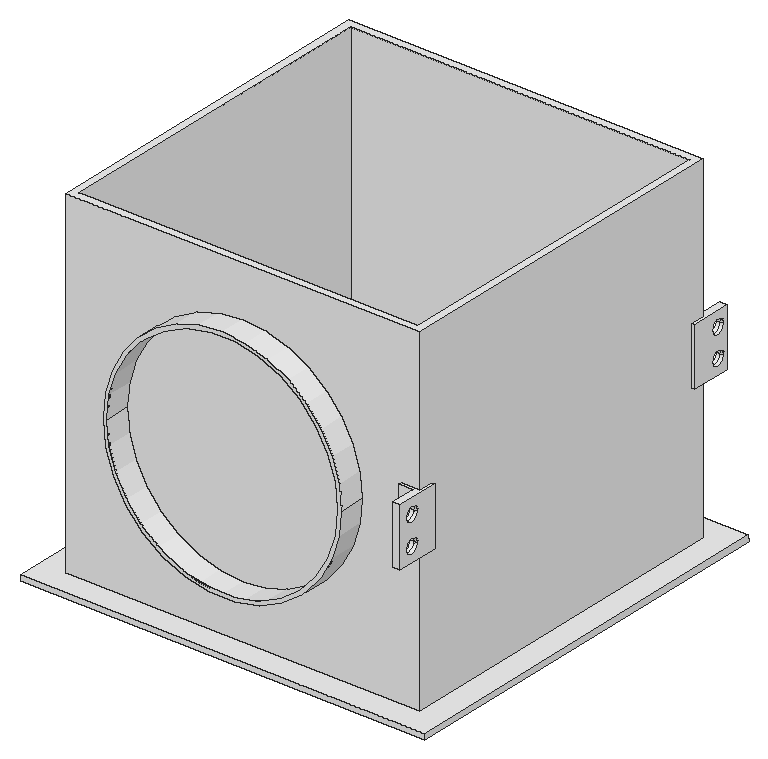
Revit family "Ceiling-Fan_VCDD-020C_Carnes", category Mechanical Equipment, host Ceiling, Revit 2012
Parameters
  ecoScorecard_data = ""
  ecoScorecard Product Page = "http://ecoscorecard.com/"
  Warranty URL = "http://www.carnes.com/GeneralCatalogs/termcond.pdf"
  Housing = Aluminum-Carnes-Spun-Brushed
  URL = "http://www.carnes.com/index.html"
  Specifications URL = ""
  Product Page URL = "http://www.carnes.com/ventilation/vcdd-vcdk.htm"
  Parts List URL = "http://www.carnes.com/ventilation/pdf/22005.pdf"
  Outer Radius = Duct Radius + 0' 0 1/8"  # 0' - 4 1/8"
  Model = "VCDD 020C"  # constant formula
  Material = ""
  Manufacturer Toll Free Phone = ""
  Manufacturer Phone = "608-845-6411"  # constant formula
  Manufacturer Fax = "608-845-6470"  # constant formula
  Manufacturer Email = "mailto:carnes@carnes.com"
  Manufacturer Address = "448 S. Main St., P. O. Box 930040, Verona, WI 53593-0040"  # constant formula
  Manufacturer = "CARNES COMPANY"  # constant formula
  IOM Instructions URL = "http://www.carnes.com/ventilation/pdf/11235.pdf"
  Grill Size = "14 x 14"
  Grill Depth = 0' - 0 3/8"
  Duct Radius = 0' - 4"
  Duct Connector = "8\""
  Description = "Ceiling Ventilators"  # constant formula
  Cost Info = "mailto:carnes@carnes.com"
  Catalog URL = "http://www.carnes.com/ventilation/pdf/C269-C295.pdf"
  Box Size = "12-1/4 x 12-1/4"
  Box Depth = 0' - 11 3/4"
  Assembly Code = "D3040200"
  95 CSI = "15850"  # constant formula
  04 CSI = "23 37 13"  # constant formula
Reference planes (in)
  plane 1 "Center (Front/Back)": y = 0
  plane 2 "Ceiling": z = 96
  plane 3 "Center (Left/Right)": x = 0
  plane 4: y = 6.125
  plane 5: x = -6.125
  plane 6: y = -6.125
  plane 7: x = 6.125
  plane 8: z = 95.625
  plane 9: z = 107.75
  plane 10: y = 7
  plane 11: x = -7
  plane 12: y = -7
  plane 13: x = 7
  plane 14: y = 5.875
Forms (in)
  Sweep 1, solid, material "Aluminum-Carnes-Spun-Brushed" <- "Housing", detail levels fine
    path origin (0, 0, 96) x (0, -1, 0) y (1, 0, 0)
      loop
        line (-6.125, -6.125) -> (6.125, -6.125) -> (6.125, 6.125) -> (-6.125, 6.125) -> (-6.125, -6.125)
    profile origin (0, 6.125, 96) x (0, 1, 0) y (0, 0, 1)
      loop
        line (0, 11.75) -> (-0.25, 11.75) -> (-0.25, 0) -> (0, 0) -> (0, 11.75)
  Extrusion 2, solid, material "Aluminum-Carnes-Spun-Brushed" <- "Housing", detail levels fine
    sketch origin (0, 0, 96) x (0, 1, 0) y (0, 0, 1)
      loop
        line (-5.625, 4.875) -> (-5.625, 6.875) -> (-7.125, 6.875) -> (-7.125, 4.875) -> (-5.625, 4.875)
      loop
        line (7, 6.875) -> (5.625, 6.875) -> (5.625, 4.875) -> (7, 4.875) -> (7, 6.875)
      loop
        circle (-6.625, 5.38243) r 0.25
      loop
        circle (-6.625, 6.36757) r 0.25
      loop
        circle (6.625, 5.38243) r 0.25
      loop
        circle (6.625, 6.36757) r 0.25
    from 6.125 to 6.25
  Extrusion 3, solid, material "Aluminum-Carnes-Spun-Brushed" <- "Housing", detail levels fine
    sketch origin (0, 0, 96) x (0, -1, 0) y (1, 0, 0)
      loop
        line (6.125, 5.5) -> (6.25, 5.5) -> (6.25, 6) -> (7.125, 6) -> (7.125, 6.125) -> (6.125, 6.125) -> (6.125, 5.5)
      loop
        line (-6.125, 5.5) -> (-6.125, 6.125) -> (-7, 6.125) -> (-7, 6) -> (-6.25, 6) -> (-6.25, 5.5) -> (-6.125, 5.5)
    from 6.875 to 4.875
  Extrusion 4, void
    sketch origin (0, 0, 96) x (0, 1, 0) y (0, 0, 1)
      loop
        circle (6.625, 5.38243) r 0.25
      loop
        circle (6.625, 6.36757) r 0.25
      loop
        circle (-6.625, 5.38243) r 0.25
      loop
        circle (-6.625, 6.36757) r 0.25
    from 5.875 to 6.25
  Extrusion 5, solid, material "Aluminum-Carnes-Spun-Brushed" <- "Housing", detail levels fine
    sketch origin (0, 0, 96) x (1, 0, 0) y (0, 0, 1)
      loop
        circle (0, 5.875) r 4
      loop
        circle (0, 5.875) r 4.125
    from 6.125 to 7
Cuts and joins
  Extrusion 4 cuts Extrusion 2
  Extrusion 4 cuts Extrusion 3
  joined: Extrusion 2, Extrusion 3
Lines and regions (in)
  Opening 1
    outline origin (-60, 60, 97) x (-1, 0, 0) y (0, -1, 0)
      loop
        line (-53, 53) -> (-53, 67) -> (-67, 67) -> (-67, 53) -> (-53, 53)
  model lines, detail levels coarse+medium
    curve 1: line (-7, -7, 96) -> (-7, 7, 96)
    curve 2: line (-7, 7, 96) -> (7, 7, 96)
    curve 3: line (-7, -7, 96) -> (7, -7, 96)
    curve 4: line (7, -7, 96) -> (7, 7, 96)
Dimensions and locks (in)
  equal spacing: host sketch curve, plane 3 "Center (Left/Right)", host sketch curve
  equal spacing: host sketch curve, plane 1 "Center (Front/Back)", host sketch curve
  host sketch curve to host sketch curve = 10' - 0"  (x2)
  equal spacing: plane 5, plane 3 "Center (Left/Right)", plane 7
  plane 5 to plane 7 = 1' - 0 1/4"
  equal spacing: plane 4, plane 1 "Center (Front/Back)", plane 6
  plane 4 to plane 6 = 1' - 0 1/4"
  "Grill Depth": plane 2 "Ceiling" to plane 8
  "Box Depth": plane 9 to plane 2 "Ceiling"
  equal spacing: plane 10, plane 1 "Center (Front/Back)", plane 12
  plane 10 to plane 12 = 1' - 2"
  equal spacing: plane 11, plane 3 "Center (Left/Right)", plane 13
  plane 11 to plane 13 = 1' - 2"
  locked: Extrusion 3 sketch curve to Extrusion 3 sketch curve at 0.5
  "Duct Radius": radius of Extrusion 5 sketch curve
  "Outer Radius": radius of Extrusion 5 sketch curve
  aligned and locked: Extrusion 2 sketch curve to Extrusion 2 sketch curve  (x2)
  aligned and locked: Extrusion 3 to Extrusion 2
  aligned and locked: Extrusion 2 to Extrusion 3
  aligned and locked: Extrusion 4 to Extrusion 2
  aligned and locked: Extrusion 4 to Sweep 1
  aligned and locked: plane 14 to Sweep 1 sketch curve
  aligned and locked: curve 1 to plane 11
  aligned and locked: curve 2 to plane 10
  aligned and locked: plane 12 to curve 3
  aligned and locked: plane 13 to curve 4
Automatic sketch dimensions
  Sweep 1 sketch curve to plane 4 = 0' - 0"
  plane 6 to Sweep 1 sketch curve = 0' - 0"
  Sweep 1 sketch curve to plane 5 = 0' - 0"
  Sweep 1 sketch curve to plane 7 = 0' - 0"
  Sweep 1 sketch curve to profile plane = 0' - 0"  (x2)
  profile plane to Sweep 1 sketch curve = 0' - 11 3/4"
  Extrusion 2 sketch curve to plane 10 = 0' - 0"
  Extrusion 2 sketch curve to plane 10 = 0' - 0 3/8"  (x2)
  Extrusion 2 sketch curve to plane 4 = 0' - 0 1/2"
  Extrusion 2 sketch curve to plane 6 = 0' - 0 1/2"
  Extrusion 2 sketch curve to plane 12 = 0' - 0 3/8"  (x2)
  plane 12 to Extrusion 2 sketch curve = 0' - 0 1/8"
  plane 2 "Ceiling" to Extrusion 2 sketch curve = 0' - 4 7/8"
  Extrusion 2 sketch curve to Extrusion 2 sketch curve = 0' - 0.50743"  (x3)
  Extrusion 2 sketch curve to Extrusion 2 sketch curve = 0' - 0.98513"  (x2)
  Extrusion 3 sketch curve to plane 7 = 0' - 0"  (x2)
  Extrusion 3 sketch curve to plane 10 = 0' - 0"
  Extrusion 3 sketch curve to plane 4 = 0' - 0"
  plane 6 to Extrusion 3 sketch curve = 0' - 0"
  plane 4 to Extrusion 3 sketch curve = 0' - 0 1/8"
  plane 6 to Extrusion 3 sketch curve = 0' - 0 1/8"
  plane 12 to Extrusion 3 sketch curve = 0' - 0 1/8"
  plane 7 to Extrusion 3 sketch curve = 0' - 0 1/8"  (x2)
  Extrusion 3 sketch curve to Extrusion 3 sketch curve = 0' - 0 1/2"
  Extrusion 4 sketch curve to Extrusion 4 sketch curve = 0' - 0"  (x8)
  Extrusion 4 sketch curve to plane 12 = 0' - 0 1/8"  (x2)
  Extrusion 4 sketch curve to Extrusion 4 sketch curve = 0' - 0 1/4"  (x4)
  plane 4 to Extrusion 4 sketch curve = 0' - 0 1/4"  (x2)
  plane 2 "Ceiling" to Extrusion 4 sketch curve = 0' - 5.38243"  (x2)
  Extrusion 4 sketch curve to Extrusion 4 sketch curve = 0' - 0.98513"  (x2)
  Extrusion 5 sketch curve to Extrusion 5 sketch curve = 0' - 0"  (x2)
  plane 5 to Extrusion 5 sketch curve = 0' - 2"
  plane 2 "Ceiling" to Extrusion 5 sketch curve = 0' - 5 7/8"
  Opening 1 sketch curve to plane 10 = 0' - 0"
  plane 13 to Opening 1 sketch curve = 0' - 0"
  plane 11 to Opening 1 sketch curve = 0' - 0"
  plane 12 to Opening 1 sketch curve = 0' - 0"
  radius of Extrusion 2 sketch curve = 0' - 0 1/4"  (x4)
Nested families (in)
  nested 1: "Grill 1" at (0, 0, 95.625), type "Grill 1", detail levels fine
Definition of nested family "Grill 1"
  Parameters (values of type "Grill 1")
    Width = 1' - 2"
    Height = 0' - 0 3/8"
    Grill = Aluminum-Carnes-Spun-Brushed
    Depth = 1' - 2"
    Default Elevation = 4' - 0"
    Assembly Code = ""
  Reference planes (in)
    plane 1 "Center (Front/Back)": y = 0
    plane 2: z = 0
    plane 3 "Center (Left/Right)": x = 0
    plane 4: x = -7
    plane 5: x = 7
    plane 6: y = 7
    plane 7: y = -7
    plane 8: z = 0.375
  Forms (in)
    Sweep 1, solid, material "Aluminum-Carnes-Spun-Brushed" <- "Grill"
      path origin (0, 0, 0) x (1, 0, 0) y (0, 1, 0)
        loop
          line (-7, 7) -> (-7, -7) -> (7, -7) -> (7, 7) -> (-7, 7)
      profile origin (0, 7, 0) x (0, 1, 0) y (0, 0, 1)
        loop
          line (0, 0.375) -> (-1, 0.375) -> (-1, 0) -> (-0.54372, 0) -> (0, 0.1875) -> (0, 0.375)
    Sweep 2, solid, material "Aluminum-Carnes-Spun-Brushed" <- "Grill"
      path in 3D
        loop
          line (-6, 6, 0.375) -> (6, 6, 0.375) -> (6, -6, 0.375) -> (-6, -6, 0.375) -> (-6, 6, 0.375)
      profile origin (-6, 0, 0.375) x (-1, 0, 0) y (0, 0, 1)
        loop
          line (-0.25, -0.1875) -> (-0.25, 0) -> (-0.5, 0) -> (-0.5, -0.375) -> (-0.375, -0.375) -> (-0.25, -0.1875)
    Sweep 3, solid, material "Aluminum-Carnes-Spun-Brushed" <- "Grill"
      path in 3D
        loop
          line (5.5, 5.5, 0.375) -> (5.5, -5.5, 0.375) -> (-5.5, -5.5, 0.375) -> (-5.5, 5.5, 0.375) -> (5.5, 5.5, 0.375)
      profile origin (0, 5.5, 0.375) x (0, 1, 0) y (0, 0, 1)
        loop
          line (-0.25, -0.1875) -> (-0.25, 0) -> (-0.5, 0) -> (-0.5, -0.375) -> (-0.375, -0.375) -> (-0.25, -0.1875)
    Sweep 4, solid, material "Aluminum-Carnes-Spun-Brushed" <- "Grill"
      path in 3D
        loop
          line (5, 5, 0.375) -> (5, -5, 0.375) -> (-5, -5, 0.375) -> (-5, 5, 0.375) -> (5, 5, 0.375)
      profile origin (0, 5, 0.375) x (0, 1, 0) y (0, 0, 1)
        loop
          line (-0.25, -0.1875) -> (-0.25, 0) -> (-0.5, 0) -> (-0.5, -0.375) -> (-0.375, -0.375) -> (-0.25, -0.1875)
    Sweep 5, solid, material "Aluminum-Carnes-Spun-Brushed" <- "Grill"
      path in 3D
        loop
          line (4.5, 4.5, 0.375) -> (4.5, -4.5, 0.375) -> (-4.5, -4.5, 0.375) -> (-4.5, 4.5, 0.375) -> (4.5, 4.5, 0.375)
      profile origin (0, 4.5, 0.375) x (0, 1, 0) y (0, 0, 1)
        loop
          line (-0.25, -0.1875) -> (-0.25, 0) -> (-0.5, 0) -> (-0.5, -0.375) -> (-0.375, -0.375) -> (-0.25, -0.1875)
    Sweep 6, solid, material "Aluminum-Carnes-Spun-Brushed" <- "Grill"
      path in 3D
        loop
          line (-4, 4, 0.375) -> (4, 4, 0.375) -> (4, -4, 0.375) -> (-4, -4, 0.375) -> (-4, 4, 0.375)
      profile origin (-4, 0, 0.375) x (-1, 0, 0) y (0, 0, 1)
        loop
          line (-0.25, -0.1875) -> (-0.25, 0) -> (-0.5, 0) -> (-0.5, -0.375) -> (-0.375, -0.375) -> (-0.25, -0.1875)
    Sweep 7, solid, material "Aluminum-Carnes-Spun-Brushed" <- "Grill"
      path in 3D
        loop
          line (-3.5, 3.5, 0.375) -> (3.5, 3.5, 0.375) -> (3.5, -3.5, 0.375) -> (-3.5, -3.5, 0.375) -> (-3.5, 3.5, 0.375)
      profile origin (-3.5, 0, 0.375) x (-1, 0, 0) y (0, 0, 1)
        loop
          line (-0.5, -0.375) -> (-0.5, 0) -> (-0.75, 0) -> (-0.75, -0.375) -> (-0.5, -0.375)
    Extrusion 8, solid, material "Aluminum-Carnes-Spun-Brushed" <- "Grill"
      sketch origin (0, 0, 0) x (1, 0, 0) y (0, 1, 0)
        loop
          line (-2.75, 2.75) -> (-2.75, -2.75) -> (2.75, -2.75) -> (2.75, 2.75) -> (-2.75, 2.75)
      from 0 to 0.375
    Extrusion 9, solid, material "Aluminum-Carnes-Spun-Brushed" <- "Grill"
      sketch origin (0, 0, 0) x (1, 0, 0) y (0, 1, 0)
        loop
          line (-0.125, 3) -> (0.125, 3) -> (0.125, 3.5) -> (-0.125, 3.5) -> (-0.125, 3)
        loop
          line (0.125, 6) -> (-0.125, 6) -> (-0.125, 5.75) -> (0.125, 5.75) -> (0.125, 6)
        loop
          line (-0.125, 5.5) -> (-0.125, 5.25) -> (0.125, 5.25) -> (0.125, 5.5) -> (-0.125, 5.5)
        loop
          line (-0.125, 5) -> (-0.125, 4.75) -> (0.125, 4.75) -> (0.125, 5) -> (-0.125, 5)
        loop
          line (-0.125, 4.5) -> (-0.125, 4.25) -> (0.125, 4.25) -> (0.125, 4.5) -> (-0.125, 4.5)
        loop
          line (-0.125, 4) -> (-0.125, 3.75) -> (0.125, 3.75) -> (0.125, 4) -> (-0.125, 4)
      from 0 to 0.375
    Extrusion 10, solid, material "Aluminum-Carnes-Spun-Brushed" <- "Grill"
      sketch origin (0, 0, 0) x (1, 0, 0) y (0, 1, 0)
        loop
          line (6, -0.125) -> (6, 0.125) -> (5.75, 0.125) -> (5.75, -0.125) -> (6, -0.125)
        loop
          line (5.5, 0.125) -> (5.25, 0.125) -> (5.25, -0.125) -> (5.5, -0.125) -> (5.5, 0.125)
        loop
          line (5, 0.125) -> (4.75, 0.125) -> (4.75, -0.125) -> (5, -0.125) -> (5, 0.125)
        loop
          line (4.5, 0.125) -> (4.25, 0.125) -> (4.25, -0.125) -> (4.5, -0.125) -> (4.5, 0.125)
        loop
          line (4, 0.125) -> (3.75, 0.125) -> (3.75, -0.125) -> (4, -0.125) -> (4, 0.125)
        loop
          line (3.5, 0.125) -> (3, 0.125) -> (3, -0.125) -> (3.5, -0.125) -> (3.5, 0.125)
      from 0 to 0.375
    Extrusion 11, solid, material "Aluminum-Carnes-Spun-Brushed" <- "Grill"
      sketch origin (0, 0, 0) x (1, 0, 0) y (0, 1, 0)
        loop
          line (-6, 0.125) -> (-6, -0.125) -> (-5.75, -0.125) -> (-5.75, 0.125) -> (-6, 0.125)
        loop
          line (-3, -0.125) -> (-3, 0.125) -> (-3.5, 0.125) -> (-3.5, -0.125) -> (-3, -0.125)
        loop
          line (-5.5, -0.125) -> (-5.25, -0.125) -> (-5.25, 0.125) -> (-5.5, 0.125) -> (-5.5, -0.125)
        loop
          line (-5, -0.125) -> (-4.75, -0.125) -> (-4.75, 0.125) -> (-5, 0.125) -> (-5, -0.125)
        loop
          line (-4.5, -0.125) -> (-4.25, -0.125) -> (-4.25, 0.125) -> (-4.5, 0.125) -> (-4.5, -0.125)
        loop
          line (-4, -0.125) -> (-3.75, -0.125) -> (-3.75, 0.125) -> (-4, 0.125) -> (-4, -0.125)
      from 0 to 0.375
    Extrusion 12, solid, material "Aluminum-Carnes-Spun-Brushed" <- "Grill"
      sketch origin (0, 0, 0) x (1, 0, 0) y (0, 1, 0)
        loop
          line (-0.125, -6) -> (0.125, -6) -> (0.125, -5.75) -> (-0.125, -5.75) -> (-0.125, -6)
        loop
          line (0.125, -3) -> (-0.125, -3) -> (-0.125, -3.5) -> (0.125, -3.5) -> (0.125, -3)
        loop
          line (0.125, -5.5) -> (0.125, -5.25) -> (-0.125, -5.25) -> (-0.125, -5.5) -> (0.125, -5.5)
        loop
          line (0.125, -5) -> (0.125, -4.75) -> (-0.125, -4.75) -> (-0.125, -5) -> (0.125, -5)
        loop
          line (0.125, -4.5) -> (0.125, -4.25) -> (-0.125, -4.25) -> (-0.125, -4.5) -> (0.125, -4.5)
        loop
          line (0.125, -4) -> (0.125, -3.75) -> (-0.125, -3.75) -> (-0.125, -4) -> (0.125, -4)
      from 0 to 0.375
  Cuts and joins
    joined: Sweep 1, Sweep 2, Sweep 3, Sweep 4, Sweep 5, Sweep 6, Sweep 7, Extrusion 8, Extrusion 9, Extrusion 10, Extrusion 11, Extrusion 12
  Lines and regions (in)
    sketch lines
      curve 1: line (-6, -6, 0.375) -> (-6, 6, 0.375)
      curve 2: line (6, -6, 0.375) -> (-6, -6, 0.375)
      curve 3: line (6, 6, 0.375) -> (6, -6, 0.375)
      curve 4: line (-6, 6, 0.375) -> (6, 6, 0.375)
      curve 5: line (-5.5, 5.5, 0.375) -> (5.5, 5.5, 0.375)
      curve 6: line (-5.5, -5.5, 0.375) -> (-5.5, 5.5, 0.375)
      curve 7: line (5.5, -5.5, 0.375) -> (-5.5, -5.5, 0.375)
      curve 8: line (5.5, 5.5, 0.375) -> (5.5, -5.5, 0.375)
      curve 9: line (-5, 5, 0.375) -> (5, 5, 0.375)
      curve 10: line (-5, -5, 0.375) -> (-5, 5, 0.375)
      curve 11: line (5, -5, 0.375) -> (-5, -5, 0.375)
      curve 12: line (5, 5, 0.375) -> (5, -5, 0.375)
      curve 13: line (-4.5, 4.5, 0.375) -> (4.5, 4.5, 0.375)
      curve 14: line (-4.5, -4.5, 0.375) -> (-4.5, 4.5, 0.375)
      curve 15: line (4.5, -4.5, 0.375) -> (-4.5, -4.5, 0.375)
      curve 16: line (4.5, 4.5, 0.375) -> (4.5, -4.5, 0.375)
      curve 17: line (-4, -4, 0.375) -> (-4, 4, 0.375)
      curve 18: line (4, -4, 0.375) -> (-4, -4, 0.375)
      curve 19: line (4, 4, 0.375) -> (4, -4, 0.375)
      curve 20: line (-4, 4, 0.375) -> (4, 4, 0.375)
      curve 21: line (-3.5, -3.5, 0.375) -> (-3.5, 3.5, 0.375)
      curve 22: line (3.5, -3.5, 0.375) -> (-3.5, -3.5, 0.375)
      curve 23: line (3.5, 3.5, 0.375) -> (3.5, -3.5, 0.375)
      curve 24: line (-3.5, 3.5, 0.375) -> (3.5, 3.5, 0.375)
  Dimensions and locks (in)
    equal spacing: plane 6, plane 1 "Center (Front/Back)", plane 7
    equal spacing: plane 4, plane 3 "Center (Left/Right)", plane 5
    "Width": plane 4 to plane 5
    "Depth": plane 6 to plane 7
    "Height": plane 8 to plane 2
    locked: profile plane to Sweep 1 sketch curve at 0.54372
    locked: plane 8 to Sweep 1 sketch curve at 0.1875
    equal spacing: Extrusion 9 sketch curve, plane 3 "Center (Left/Right)", Extrusion 9 sketch curve
    equal spacing: Extrusion 10 sketch curve, plane 1 "Center (Front/Back)", Extrusion 10 sketch curve
    aligned and locked: plane 2 to level
    aligned and locked: Sweep 1 sketch curve to plane 6
    aligned and locked: Sweep 1 sketch curve to plane 4
    aligned and locked: Sweep 1 sketch curve to plane 7
    aligned and locked: Sweep 1 sketch curve to plane 5
    aligned and locked: Sweep 1 sketch curve to profile plane
    aligned and locked: Sweep 1 sketch curve to plane 8
    aligned and locked: profile plane to Sweep 1 sketch curve
    aligned and locked: profile plane to Sweep 2 sketch curve
    aligned and locked: level to Sweep 2 sketch curve
    aligned and locked: profile plane to Sweep 3 sketch curve
    aligned and locked: level to Sweep 3 sketch curve
    aligned and locked: profile plane to Sweep 4 sketch curve
    aligned and locked: level to Sweep 4 sketch curve
    aligned and locked: profile plane to Sweep 5 sketch curve
    aligned and locked: level to Sweep 5 sketch curve
    aligned and locked: profile plane to Sweep 6 sketch curve
    aligned and locked: level to Sweep 6 sketch curve
    aligned and locked: profile plane to Sweep 7 sketch curve
    aligned and locked: level to Sweep 7 sketch curve
    aligned and locked: Extrusion 8 sketch curve to Sweep 7  (x4)
    aligned and locked: Extrusion 8 to plane 2
    aligned and locked: plane 8 to Extrusion 8
    aligned and locked: Sweep 1 to Extrusion 9 sketch curve
    aligned and locked: Sweep 2 to Extrusion 9 sketch curve  (x2)
    aligned and locked: Sweep 3 to Extrusion 9 sketch curve
    aligned and locked: Sweep 4 to Extrusion 9 sketch curve
    aligned and locked: Sweep 5 to Extrusion 9 sketch curve  (x2)
    aligned and locked: Extrusion 9 sketch curve to Extrusion 9 sketch curve  (x10)
    aligned and locked: Extrusion 9 to plane 2
    aligned and locked: plane 8 to Extrusion 9
    aligned and locked: cut or joined group 1 (Sweep 1, Sweep 2, Sweep 3, Sweep 4, Sweep 5, Sweep 6, Sweep 7, Extrusion 8, Extrusion 9, Extrusion 10, Extrusion 11, Extrusion 12) to Extrusion 10 sketch curve  (x11)
    aligned and locked: Extrusion 10 sketch curve to Extrusion 10 sketch curve  (x10)
    aligned and locked: Extrusion 10 to plane 2
    aligned and locked: plane 8 to Extrusion 10
    aligned and locked: cut or joined group 1 to Extrusion 11 sketch curve  (x12)
    aligned and locked: Extrusion 11 to plane 2
    aligned and locked: plane 8 to Extrusion 11
    aligned and locked: cut or joined group 1 to Extrusion 12 sketch curve  (x12)
    aligned and locked: Extrusion 12 to plane 2
    aligned and locked: plane 8 to Extrusion 12
  Automatic sketch dimensions
    Sweep 1 sketch curve to Sweep 1 sketch curve = 0' - 0.45628"
    profile plane to Sweep 2 sketch curve = 0' - 0 1/2"
    Sweep 2 sketch curve to Sweep 2 sketch curve = 0' - 0 1/8"
    profile plane to Sweep 2 sketch curve = 0' - 0 1/4"
    Sweep 2 sketch curve to Sweep 2 sketch curve = 0' - 0 3/16"
    profile plane to Sweep 3 sketch curve = 0' - 0 1/2"
    Sweep 3 sketch curve to Sweep 3 sketch curve = 0' - 0 1/8"
    profile plane to Sweep 3 sketch curve = 0' - 0 1/4"
    Sweep 3 sketch curve to Sweep 3 sketch curve = 0' - 0 3/16"
    profile plane to Sweep 4 sketch curve = 0' - 0 1/2"
    Sweep 4 sketch curve to Sweep 4 sketch curve = 0' - 0 1/8"
    Sweep 4 sketch curve to Sweep 4 sketch curve = 0' - 0 1/4"
    Sweep 4 sketch curve to profile plane = 0' - 0 3/16"
    profile plane to Sweep 5 sketch curve = 0' - 0 1/2"
    Sweep 5 sketch curve to Sweep 5 sketch curve = 0' - 0 1/8"
    Sweep 5 sketch curve to Sweep 5 sketch curve = 0' - 0 1/4"
    Sweep 5 sketch curve to profile plane = 0' - 0 3/16"
    profile plane to Sweep 6 sketch curve = 0' - 0 1/2"
    Sweep 6 sketch curve to Sweep 6 sketch curve = 0' - 0 1/8"
    Sweep 6 sketch curve to Sweep 6 sketch curve = 0' - 0 1/4"
    Sweep 6 sketch curve to profile plane = 0' - 0 3/16"
    profile plane to Sweep 7 sketch curve = 0' - 0 3/4"
    Sweep 7 sketch curve to Sweep 7 sketch curve = 0' - 0 1/4"
    Extrusion 9 sketch curve to plane 3 "Center (Left/Right)" = 0' - 0 1/8"
    Extrusion 10 sketch curve to plane 1 "Center (Front/Back)" = 0' - 0 1/8"
    Extrusion 10 sketch curve to Extrusion 10 sketch curve = 0' - 0 1/4"
    Extrusion 9 sketch curve to Extrusion 9 sketch curve = 0' - 0 1/4"  (x4)
    Extrusion 9 sketch curve to Extrusion 9 sketch curve = 0' - 0 1/2"
    Extrusion 11 sketch curve to plane 1 "Center (Front/Back)" = 0' - 0 1/8"  (x4)
    Extrusion 11 sketch curve to Extrusion 11 sketch curve = 0' - 0"  (x4)
    plane 1 "Center (Front/Back)" to Extrusion 11 sketch curve = 0' - 0 1/8"  (x4)
    Extrusion 12 sketch curve to plane 3 "Center (Left/Right)" = 0' - 0 1/8"  (x3)
    Extrusion 12 sketch curve to Extrusion 12 sketch curve = 0' - 0"  (x8)
    plane 3 "Center (Left/Right)" to Extrusion 12 sketch curve = 0' - 0 1/8"
